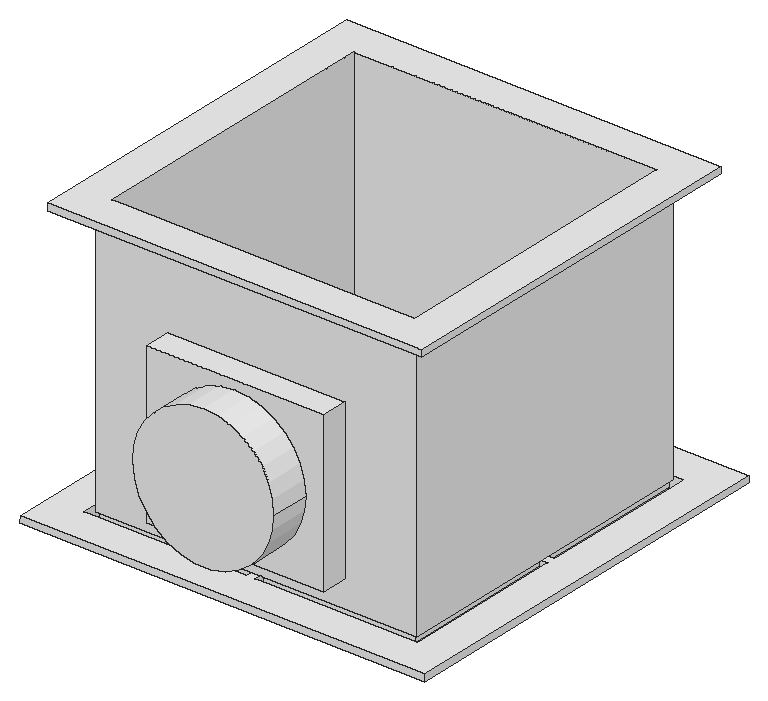
Revit family "Ceiling-Fan_VCDK-008-009C_Carnes", category Mechanical Equipment, host Ceiling, Revit 2012
Parameters
  ecoScorecard_data = ""
  ecoScorecard Product Page = "http://ecoscorecard.com/"
  Warranty URL = "http://www.carnes.com/GeneralCatalogs/termcond.pdf"
  Housing = Aluminum-Carnes-Spun-Brushed
  URL = "http://www.carnes.com/index.html"
  Specifications URL = ""
  Product Page URL = "http://www.carnes.com/ventilation/vcdd-vcdk.htm"
  Parts List URL = "http://www.carnes.com/ventilation/pdf/22005.pdf"
  Model = "VCDK 008-009C"  # constant formula
  Material = ""
  Manufacturer Toll Free Phone = ""
  Manufacturer Phone = "608-845-6411"  # constant formula
  Manufacturer Fax = "608-845-6470"  # constant formula
  Manufacturer Email = "mailto:carnes@carnes.com"
  Manufacturer Address = "448 S. Main St., P. O. Box 930040, Verona, WI 53593-0040"  # constant formula
  Manufacturer = "CARNES COMPANY"  # constant formula
  IOM Instructions URL = "http://www.carnes.com/ventilation/pdf/11221.pdf"
  Grill Size = "0'  11 7/16 Sq."
  Grill Depth = 0' - 0 3/8"
  Duct Radius = 0' - 2"
  Duct Connector = "4\""
  Description = "Ceiling Ventilators"  # constant formula
  Cost Info = "mailto:carnes@carnes.com"
  Catalog URL = "http://www.carnes.com/ventilation/pdf/C269-C295.pdf"
  Box Size = "9 11/16 Sq."
  Box Depth = 0' - 7 7/8"
  Assembly Code = "D3040200"
  95 CSI = "15850"  # constant formula
  04 CSI = "23 37 13"  # constant formula
Reference planes (in)
  plane 1 "Center (Front/Back)": y = 0
  plane 2 "Ceiling": z = 96
  plane 3 "Center (Left/Right)": x = 0
  plane 4: y = 4.84375
  plane 5: x = -4.84375
  plane 6: y = -4.84375
  plane 7: x = 4.84375
  plane 8: z = 95.625
  plane 9: z = 103.875
  plane 10: y = 5.71875
  plane 11: x = -5.71875
  plane 12: y = -5.71875
  plane 13: x = 5.71875
  plane 14: y = 5.28125
  plane 15: x = -5.28125
  plane 16: y = -5.28125
  plane 17: x = 5.28125
  plane 18: z = 103.6875
  plane 19: x = 4.28125
Forms (in)
  Sweep 1, solid, material "Aluminum-Carnes-Spun-Brushed" <- "Housing", detail levels fine
    path origin (0, 0, 96) x (0, -1, 0) y (1, 0, 0)
      loop
        line (-5.28125, 5.28125) -> (-5.28125, -5.28125) -> (5.28125, -5.28125) -> (5.28125, 5.28125) -> (-5.28125, 5.28125)
    profile origin (5.28125, 0, 96) x (1, 0, 0) y (0, 0, 1)
      loop
        line (0, 7.6875) -> (0, 7.875) -> (-0.75, 7.875) -> (-0.75, 7.6875) -> (0, 7.6875)
  Sweep 2, solid, material "Aluminum-Carnes-Spun-Brushed" <- "Housing", detail levels fine
    path origin (0, 0, 96) x (0, -1, 0) y (1, 0, 0)
      loop
        line (-4.53125, 4.53125) -> (-4.53125, -4.53125) -> (4.53125, -4.53125) -> (4.53125, 4.53125) -> (-4.53125, 4.53125)
    profile origin (4.53125, 0, 96) x (1, 0, 0) y (0, 0, 1)
      loop
        line (-0.25, 0) -> (0, 0) -> (0, 7.875) -> (-0.25, 7.875) -> (-0.25, 0)
  Extrusion 3, solid, material "Aluminum-Carnes-Spun-Brushed" <- "Housing", detail levels fine
    sketch origin (0, 0, 96) x (1, 0, 0) y (0, 0, 1)
      loop
        circle (0, 3) r 2
    from 5.28125 to 6.38989
  Extrusion 4, solid, material "Aluminum-Carnes-Spun-Brushed" <- "Housing", detail levels fine
    sketch origin (0, 0, 102) x (0, -1, 0) y (1, 0, 0)
      loop
        line (4.53125, -2.5) -> (5.28125, -2.5) -> (5.28125, 2.5) -> (4.53125, 2.5) -> (4.53125, -2.5)
    from -5.25 to -0.75
Cuts and joins
  joined: Sweep 1, Sweep 2, Extrusion 3, Extrusion 4
Lines and regions (in)
  Opening 1
    outline origin (-60, 60, 97) x (-1, 0, 0) y (0, -1, 0)
      loop
        line (-65.71875, 65.71875) -> (-65.71875, 54.28125) -> (-54.28125, 54.28125) -> (-54.28125, 65.71875) -> (-65.71875, 65.71875)
  model lines, detail levels coarse+medium
    curve 1: line (-5.71875, 5.71875, 96) -> (5.71875, 5.71875, 96)
    curve 2: line (5.71875, -5.71875, 96) -> (5.71875, 5.71875, 96)
    curve 3: line (-2, -6.38989, 96) -> (2, -6.38989, 96)
    curve 4: line (-5.71875, -5.71875, 96) -> (-2, -5.71875, 96)
    curve 5: line (-5.71875, -5.71875, 96) -> (-5.71875, 5.71875, 96)
    curve 6: line (2, -6.38989, 96) -> (2, -5.71875, 96)
    curve 7: line (-2, -6.38989, 96) -> (-2, -5.71875, 96)
    curve 8: line (2, -5.71875, 96) -> (5.71875, -5.71875, 96)
Dimensions and locks (in)
  equal spacing: host sketch curve, plane 3 "Center (Left/Right)", host sketch curve
  equal spacing: host sketch curve, plane 1 "Center (Front/Back)", host sketch curve
  host sketch curve to host sketch curve = 10' - 0"  (x2)
  equal spacing: plane 5, plane 3 "Center (Left/Right)", plane 7
  plane 5 to plane 7 = 0' - 9 11/16"
  equal spacing: plane 4, plane 1 "Center (Front/Back)", plane 6
  plane 4 to plane 6 = 0' - 9 11/16"
  "Grill Depth": plane 2 "Ceiling" to plane 8
  "Box Depth": plane 9 to plane 2 "Ceiling"
  equal spacing: plane 10, plane 1 "Center (Front/Back)", plane 12
  plane 10 to plane 12 = 0' - 11 7/16"
  equal spacing: plane 11, plane 3 "Center (Left/Right)", plane 13
  plane 11 to plane 13 = 0' - 11 7/16"
  equal spacing: plane 15, plane 3 "Center (Left/Right)", plane 17
  plane 15 to plane 17 = 0' - 10 9/16"
  equal spacing: plane 14, plane 1 "Center (Front/Back)", plane 16
  plane 14 to plane 16 = 0' - 10 9/16"
  "Duct Radius": radius of Extrusion 3 sketch curve
  aligned and locked: plane 18 to Sweep 1 sketch curve
  aligned and locked: Sweep 2 sketch curve to plane 19
  aligned and locked: nested 1 to plane 3 "Center (Left/Right)"
  aligned and locked: plane 1 "Center (Front/Back)" to nested 1
Automatic sketch dimensions
  Sweep 1 sketch curve to plane 14 = 0' - 0"
  Sweep 1 sketch curve to plane 15 = 0' - 0"
  plane 16 to Sweep 1 sketch curve = 0' - 0"
  Sweep 1 sketch curve to plane 17 = 0' - 0"
  profile plane to Sweep 1 sketch curve = 0' - 0"
  Sweep 1 sketch curve to plane 18 = 0' - 0 3/16"
  profile plane to Sweep 1 sketch curve = 0' - 0 3/4"
  Sweep 2 sketch curve to plane 4 = 0' - 0 5/16"
  Sweep 2 sketch curve to plane 6 = 0' - 0 5/16"
  plane 5 to Sweep 2 sketch curve = 0' - 0 5/16"
  plane 7 to Sweep 2 sketch curve = 0' - 0 5/16"
  profile plane to Sweep 2 sketch curve = 0' - 0"
  Sweep 2 sketch curve to profile plane = 0' - 0"
  profile plane to Sweep 2 sketch curve = 0' - 7 7/8"
  Extrusion 3 sketch curve to plane 3 "Center (Left/Right)" = 0' - 0"
  plane 2 "Ceiling" to Extrusion 3 sketch curve = 0' - 3"
  plane 16 to Extrusion 4 sketch curve = 0' - 0"
  Extrusion 4 sketch curve to plane 6 = 0' - 0 5/16"
  plane 5 to Extrusion 4 sketch curve = 0' - 2 11/32"
  plane 7 to Extrusion 4 sketch curve = 0' - 2 11/32"
  Opening 1 sketch curve to plane 11 = 0' - 0"
  plane 13 to Opening 1 sketch curve = 0' - 0"
  plane 10 to Opening 1 sketch curve = 0' - 0"
  plane 12 to Opening 1 sketch curve = 0' - 0"
  curve 4 to plane 11 = 0' - 0"
  curve 2 to plane 13 = 0' - 0"
  curve 2 to plane 10 = 0' - 0"
  plane 3 "Center (Left/Right)" to curve 6 = 0' - 2"
  curve 3 to curve 7 = 0' - 0.67114"
  curve 4 to plane 3 "Center (Left/Right)" = 0' - 2"
  plane 12 to curve 6 = 0' - 0"
  plane 12 to curve 4 = 0' - 0"
Nested families (in)
  nested 1: "Grill 1" at (0, 0, 95.625) x (0, -1, 0) z (0, 0, 1), type "Grill 1", detail levels fine
    with Width 0' - 11 7/16", Depth 0' - 11 7/16"
Definition of nested family "Grill 1"
  Parameters (values of type "Grill 1")
    Width = 0' - 9 11/16"
    Height = 0' - 0 3/8"
    Grill = none
    Depth = 0' - 9 11/16"
    Default Elevation = 4' - 0"
    Assembly Code = ""
  Reference planes (in)
    plane 1 "Center (Front/Back)": y = 0
    plane 2: z = 0
    plane 3 "Center (Left/Right)": x = 0
    plane 4: x = -4.84375
    plane 5: x = 4.84375
    plane 6: y = 4.84375
    plane 7: y = -4.84375
    plane 8: z = 0.375
  Forms (in)
    Sweep 1, solid, material <- "Grill"
      path origin (0, 0, 0) x (1, 0, 0) y (0, 1, 0)
        loop
          line (-4.84375, 4.84375) -> (-4.84375, -4.84375) -> (4.84375, -4.84375) -> (4.84375, 4.84375) -> (-4.84375, 4.84375)
      profile origin (0, 4.84375, 0) x (0, 1, 0) y (0, 0, 1)
        loop
          line (0, 0.375) -> (-1, 0.375) -> (-1, 0) -> (-0.54372, 0) -> (0, 0.1875) -> (0, 0.375)
    Sweep 2, solid, material <- "Grill"
      path in 3D
        loop
          line (-3.84375, 3.84375, 0.375) -> (3.84375, 3.84375, 0.375) -> (3.84375, -3.84375, 0.375) -> (-3.84375, -3.84375, 0.375) -> (-3.84375, 3.84375, 0.375)
      profile origin (-3.84375, 0, 0.375) x (-1, 0, 0) y (0, 0, 1)
        loop
          line (-0.25, -0.1875) -> (-0.25, 0) -> (-0.5, 0) -> (-0.5, -0.375) -> (-0.375, -0.375) -> (-0.25, -0.1875)
    Sweep 3, solid, material <- "Grill"
      path in 3D
        loop
          line (3.34375, 3.34375, 0.375) -> (3.34375, -3.34375, 0.375) -> (-3.34375, -3.34375, 0.375) -> (-3.34375, 3.34375, 0.375) -> (3.34375, 3.34375, 0.375)
      profile origin (0, 3.34375, 0.375) x (0, 1, 0) y (0, 0, 1)
        loop
          line (-0.25, -0.1875) -> (-0.25, 0) -> (-0.5, 0) -> (-0.5, -0.375) -> (-0.375, -0.375) -> (-0.25, -0.1875)
    Sweep 4, solid, material <- "Grill"
      path in 3D
        loop
          line (2.84375, 2.84375, 0.375) -> (2.84375, -2.84375, 0.375) -> (-2.84375, -2.84375, 0.375) -> (-2.84375, 2.84375, 0.375) -> (2.84375, 2.84375, 0.375)
      profile origin (0, 2.84375, 0.375) x (0, 1, 0) y (0, 0, 1)
        loop
          line (-0.25, -0.1875) -> (-0.25, 0) -> (-0.5, 0) -> (-0.5, -0.375) -> (-0.375, -0.375) -> (-0.25, -0.1875)
    Sweep 5, solid, material <- "Grill"
      path in 3D
        loop
          line (2.34375, 2.34375, 0.375) -> (2.34375, -2.34375, 0.375) -> (-2.34375, -2.34375, 0.375) -> (-2.34375, 2.34375, 0.375) -> (2.34375, 2.34375, 0.375)
      profile origin (0, 2.34375, 0.375) x (0, 1, 0) y (0, 0, 1)
        loop
          line (-0.25, -0.1875) -> (-0.25, 0) -> (-0.5, 0) -> (-0.5, -0.375) -> (-0.375, -0.375) -> (-0.25, -0.1875)
    Sweep 6, solid, material <- "Grill"
      path in 3D
        loop
          line (-1.84375, 1.84375, 0.375) -> (1.84375, 1.84375, 0.375) -> (1.84375, -1.84375, 0.375) -> (-1.84375, -1.84375, 0.375) -> (-1.84375, 1.84375, 0.375)
      profile origin (-1.84375, 0, 0.375) x (-1, 0, 0) y (0, 0, 1)
        loop
          line (-0.25, -0.1875) -> (-0.25, 0) -> (-0.5, 0) -> (-0.5, -0.375) -> (-0.375, -0.375) -> (-0.25, -0.1875)
    Sweep 7, solid, material <- "Grill"
      path in 3D
        loop
          line (-1.34375, 1.34375, 0.375) -> (1.34375, 1.34375, 0.375) -> (1.34375, -1.34375, 0.375) -> (-1.34375, -1.34375, 0.375) -> (-1.34375, 1.34375, 0.375)
      profile origin (-1.34375, 0, 0.375) x (-1, 0, 0) y (0, 0, 1)
        loop
          line (-0.5, -0.375) -> (-0.5, 0) -> (-0.75, 0) -> (-0.75, -0.375) -> (-0.5, -0.375)
    Extrusion 8, solid, material <- "Grill"
      sketch origin (0, 0, 0) x (1, 0, 0) y (0, 1, 0)
        loop
          line (-0.59375, 0.59375) -> (-0.59375, -0.59375) -> (0.59375, -0.59375) -> (0.59375, 0.59375) -> (-0.59375, 0.59375)
      from 0 to 0.375
    Extrusion 9, solid, material <- "Grill"
      sketch origin (0, 0, 0) x (1, 0, 0) y (0, 1, 0)
        loop
          line (-0.125, 0.84375) -> (0.125, 0.84375) -> (0.125, 1.34375) -> (-0.125, 1.34375) -> (-0.125, 0.84375)
        loop
          line (0.125, 3.84375) -> (-0.125, 3.84375) -> (-0.125, 3.59375) -> (0.125, 3.59375) -> (0.125, 3.84375)
        loop
          line (-0.125, 3.34375) -> (-0.125, 3.09375) -> (0.125, 3.09375) -> (0.125, 3.34375) -> (-0.125, 3.34375)
        loop
          line (-0.125, 2.84375) -> (-0.125, 2.59375) -> (0.125, 2.59375) -> (0.125, 2.84375) -> (-0.125, 2.84375)
        loop
          line (-0.125, 2.34375) -> (-0.125, 2.09375) -> (0.125, 2.09375) -> (0.125, 2.34375) -> (-0.125, 2.34375)
        loop
          line (-0.125, 1.84375) -> (-0.125, 1.59375) -> (0.125, 1.59375) -> (0.125, 1.84375) -> (-0.125, 1.84375)
      from 0 to 0.375
    Extrusion 10, solid, material <- "Grill"
      sketch origin (0, 0, 0) x (1, 0, 0) y (0, 1, 0)
        loop
          line (3.84375, -0.125) -> (3.84375, 0.125) -> (3.59375, 0.125) -> (3.59375, -0.125) -> (3.84375, -0.125)
        loop
          line (3.34375, 0.125) -> (3.09375, 0.125) -> (3.09375, -0.125) -> (3.34375, -0.125) -> (3.34375, 0.125)
        loop
          line (2.84375, 0.125) -> (2.59375, 0.125) -> (2.59375, -0.125) -> (2.84375, -0.125) -> (2.84375, 0.125)
        loop
          line (2.34375, 0.125) -> (2.09375, 0.125) -> (2.09375, -0.125) -> (2.34375, -0.125) -> (2.34375, 0.125)
        loop
          line (1.84375, 0.125) -> (1.59375, 0.125) -> (1.59375, -0.125) -> (1.84375, -0.125) -> (1.84375, 0.125)
        loop
          line (1.34375, 0.125) -> (0.84375, 0.125) -> (0.84375, -0.125) -> (1.34375, -0.125) -> (1.34375, 0.125)
      from 0 to 0.375
    Extrusion 11, solid, material <- "Grill"
      sketch origin (0, 0, 0) x (1, 0, 0) y (0, 1, 0)
        loop
          line (-3.84375, 0.125) -> (-3.84375, -0.125) -> (-3.59375, -0.125) -> (-3.59375, 0.125) -> (-3.84375, 0.125)
        loop
          line (-0.84375, -0.125) -> (-0.84375, 0.125) -> (-1.34375, 0.125) -> (-1.34375, -0.125) -> (-0.84375, -0.125)
        loop
          line (-3.34375, -0.125) -> (-3.09375, -0.125) -> (-3.09375, 0.125) -> (-3.34375, 0.125) -> (-3.34375, -0.125)
        loop
          line (-2.84375, -0.125) -> (-2.59375, -0.125) -> (-2.59375, 0.125) -> (-2.84375, 0.125) -> (-2.84375, -0.125)
        loop
          line (-2.34375, -0.125) -> (-2.09375, -0.125) -> (-2.09375, 0.125) -> (-2.34375, 0.125) -> (-2.34375, -0.125)
        loop
          line (-1.84375, -0.125) -> (-1.59375, -0.125) -> (-1.59375, 0.125) -> (-1.84375, 0.125) -> (-1.84375, -0.125)
      from 0 to 0.375
    Extrusion 12, solid, material <- "Grill"
      sketch origin (0, 0, 0) x (1, 0, 0) y (0, 1, 0)
        loop
          line (-0.125, -3.84375) -> (0.125, -3.84375) -> (0.125, -3.59375) -> (-0.125, -3.59375) -> (-0.125, -3.84375)
        loop
          line (0.125, -0.84375) -> (-0.125, -0.84375) -> (-0.125, -1.34375) -> (0.125, -1.34375) -> (0.125, -0.84375)
        loop
          line (0.125, -3.34375) -> (0.125, -3.09375) -> (-0.125, -3.09375) -> (-0.125, -3.34375) -> (0.125, -3.34375)
        loop
          line (0.125, -2.84375) -> (0.125, -2.59375) -> (-0.125, -2.59375) -> (-0.125, -2.84375) -> (0.125, -2.84375)
        loop
          line (0.125, -2.34375) -> (0.125, -2.09375) -> (-0.125, -2.09375) -> (-0.125, -2.34375) -> (0.125, -2.34375)
        loop
          line (0.125, -1.84375) -> (0.125, -1.59375) -> (-0.125, -1.59375) -> (-0.125, -1.84375) -> (0.125, -1.84375)
      from 0 to 0.375
  Cuts and joins
    joined: Sweep 1, Sweep 2, Sweep 3, Sweep 4, Sweep 5, Sweep 6, Sweep 7, Extrusion 8, Extrusion 9, Extrusion 10, Extrusion 11, Extrusion 12
  Lines and regions (in)
    sketch lines
      curve 1: line (-3.84375, -3.84375, 0.375) -> (-3.84375, 3.84375, 0.375)
      curve 2: line (3.84375, -3.84375, 0.375) -> (-3.84375, -3.84375, 0.375)
      curve 3: line (3.84375, 3.84375, 0.375) -> (3.84375, -3.84375, 0.375)
      curve 4: line (-3.84375, 3.84375, 0.375) -> (3.84375, 3.84375, 0.375)
      curve 5: line (-3.34375, 3.34375, 0.375) -> (3.34375, 3.34375, 0.375)
      curve 6: line (-3.34375, -3.34375, 0.375) -> (-3.34375, 3.34375, 0.375)
      curve 7: line (3.34375, -3.34375, 0.375) -> (-3.34375, -3.34375, 0.375)
      curve 8: line (3.34375, 3.34375, 0.375) -> (3.34375, -3.34375, 0.375)
      curve 9: line (-2.84375, 2.84375, 0.375) -> (2.84375, 2.84375, 0.375)
      curve 10: line (-2.84375, -2.84375, 0.375) -> (-2.84375, 2.84375, 0.375)
      curve 11: line (2.84375, -2.84375, 0.375) -> (-2.84375, -2.84375, 0.375)
      curve 12: line (2.84375, 2.84375, 0.375) -> (2.84375, -2.84375, 0.375)
      curve 13: line (-2.34375, 2.34375, 0.375) -> (2.34375, 2.34375, 0.375)
      curve 14: line (-2.34375, -2.34375, 0.375) -> (-2.34375, 2.34375, 0.375)
      curve 15: line (2.34375, -2.34375, 0.375) -> (-2.34375, -2.34375, 0.375)
      curve 16: line (2.34375, 2.34375, 0.375) -> (2.34375, -2.34375, 0.375)
      curve 17: line (-1.84375, -1.84375, 0.375) -> (-1.84375, 1.84375, 0.375)
      curve 18: line (1.84375, -1.84375, 0.375) -> (-1.84375, -1.84375, 0.375)
      curve 19: line (1.84375, 1.84375, 0.375) -> (1.84375, -1.84375, 0.375)
      curve 20: line (-1.84375, 1.84375, 0.375) -> (1.84375, 1.84375, 0.375)
      curve 21: line (-1.34375, -1.34375, 0.375) -> (-1.34375, 1.34375, 0.375)
      curve 22: line (1.34375, -1.34375, 0.375) -> (-1.34375, -1.34375, 0.375)
      curve 23: line (1.34375, 1.34375, 0.375) -> (1.34375, -1.34375, 0.375)
      curve 24: line (-1.34375, 1.34375, 0.375) -> (1.34375, 1.34375, 0.375)
  Dimensions and locks (in)
    equal spacing: plane 6, plane 1 "Center (Front/Back)", plane 7
    equal spacing: plane 4, plane 3 "Center (Left/Right)", plane 5
    "Width": plane 4 to plane 5
    "Depth": plane 6 to plane 7
    "Height": plane 8 to plane 2
    locked: profile plane to Sweep 1 sketch curve at 0.54372
    locked: plane 8 to Sweep 1 sketch curve at 0.1875
    equal spacing: Extrusion 9 sketch curve, plane 3 "Center (Left/Right)", Extrusion 9 sketch curve
    equal spacing: Extrusion 10 sketch curve, plane 1 "Center (Front/Back)", Extrusion 10 sketch curve
    aligned and locked: plane 2 to level
    aligned and locked: Sweep 1 sketch curve to plane 6
    aligned and locked: Sweep 1 sketch curve to plane 4
    aligned and locked: Sweep 1 sketch curve to plane 7
    aligned and locked: Sweep 1 sketch curve to plane 5
    aligned and locked: Sweep 1 sketch curve to profile plane
    aligned and locked: Sweep 1 sketch curve to plane 8
    aligned and locked: profile plane to Sweep 1 sketch curve
    aligned and locked: profile plane to Sweep 2 sketch curve
    aligned and locked: level to Sweep 2 sketch curve
    aligned and locked: profile plane to Sweep 3 sketch curve
    aligned and locked: level to Sweep 3 sketch curve
    aligned and locked: profile plane to Sweep 4 sketch curve
    aligned and locked: level to Sweep 4 sketch curve
    aligned and locked: profile plane to Sweep 5 sketch curve
    aligned and locked: level to Sweep 5 sketch curve
    aligned and locked: profile plane to Sweep 6 sketch curve
    aligned and locked: level to Sweep 6 sketch curve
    aligned and locked: profile plane to Sweep 7 sketch curve
    aligned and locked: level to Sweep 7 sketch curve
    aligned and locked: Extrusion 8 sketch curve to Sweep 7  (x4)
    aligned and locked: Extrusion 8 to plane 2
    aligned and locked: plane 8 to Extrusion 8
    aligned and locked: Sweep 1 to Extrusion 9 sketch curve
    aligned and locked: Sweep 2 to Extrusion 9 sketch curve  (x2)
    aligned and locked: Sweep 3 to Extrusion 9 sketch curve
    aligned and locked: Sweep 4 to Extrusion 9 sketch curve
    aligned and locked: Sweep 5 to Extrusion 9 sketch curve  (x2)
    aligned and locked: Extrusion 9 sketch curve to Extrusion 9 sketch curve  (x10)
    aligned and locked: Extrusion 9 to plane 2
    aligned and locked: plane 8 to Extrusion 9
    aligned and locked: cut or joined group 1 (Sweep 1, Sweep 2, Sweep 3, Sweep 4, Sweep 5, Sweep 6, Sweep 7, Extrusion 8, Extrusion 9, Extrusion 10, Extrusion 11, Extrusion 12) to Extrusion 10 sketch curve  (x11)
    aligned and locked: Extrusion 10 sketch curve to Extrusion 10 sketch curve  (x10)
    aligned and locked: Extrusion 10 to plane 2
    aligned and locked: plane 8 to Extrusion 10
    aligned and locked: cut or joined group 1 to Extrusion 11 sketch curve  (x12)
    aligned and locked: Extrusion 11 to plane 2
    aligned and locked: plane 8 to Extrusion 11
    aligned and locked: cut or joined group 1 to Extrusion 12 sketch curve  (x12)
    aligned and locked: Extrusion 12 to plane 2
    aligned and locked: plane 8 to Extrusion 12
  Automatic sketch dimensions
    Sweep 1 sketch curve to Sweep 1 sketch curve = 0' - 0.45628"
    profile plane to Sweep 2 sketch curve = 0' - 0 1/2"
    Sweep 2 sketch curve to Sweep 2 sketch curve = 0' - 0 1/8"
    profile plane to Sweep 2 sketch curve = 0' - 0 1/4"
    Sweep 2 sketch curve to Sweep 2 sketch curve = 0' - 0 3/16"
    profile plane to Sweep 3 sketch curve = 0' - 0 1/2"
    Sweep 3 sketch curve to Sweep 3 sketch curve = 0' - 0 1/8"
    profile plane to Sweep 3 sketch curve = 0' - 0 1/4"
    Sweep 3 sketch curve to Sweep 3 sketch curve = 0' - 0 3/16"
    profile plane to Sweep 4 sketch curve = 0' - 0 1/2"
    Sweep 4 sketch curve to Sweep 4 sketch curve = 0' - 0 1/8"
    Sweep 4 sketch curve to Sweep 4 sketch curve = 0' - 0 1/4"
    Sweep 4 sketch curve to profile plane = 0' - 0 3/16"
    profile plane to Sweep 5 sketch curve = 0' - 0 1/2"
    Sweep 5 sketch curve to Sweep 5 sketch curve = 0' - 0 1/8"
    Sweep 5 sketch curve to Sweep 5 sketch curve = 0' - 0 1/4"
    Sweep 5 sketch curve to profile plane = 0' - 0 3/16"
    profile plane to Sweep 6 sketch curve = 0' - 0 1/2"
    Sweep 6 sketch curve to Sweep 6 sketch curve = 0' - 0 1/8"
    Sweep 6 sketch curve to Sweep 6 sketch curve = 0' - 0 1/4"
    Sweep 6 sketch curve to profile plane = 0' - 0 3/16"
    profile plane to Sweep 7 sketch curve = 0' - 0 3/4"
    Sweep 7 sketch curve to Sweep 7 sketch curve = 0' - 0 1/4"
    Extrusion 9 sketch curve to plane 3 "Center (Left/Right)" = 0' - 0 1/8"
    Extrusion 10 sketch curve to plane 1 "Center (Front/Back)" = 0' - 0 1/8"
    Extrusion 10 sketch curve to Extrusion 10 sketch curve = 0' - 0 1/4"
    Extrusion 9 sketch curve to Extrusion 9 sketch curve = 0' - 0 1/4"  (x4)
    Extrusion 9 sketch curve to Extrusion 9 sketch curve = 0' - 0 1/2"
    Extrusion 11 sketch curve to plane 1 "Center (Front/Back)" = 0' - 0 1/8"  (x4)
    Extrusion 11 sketch curve to Extrusion 11 sketch curve = 0' - 0"  (x4)
    plane 1 "Center (Front/Back)" to Extrusion 11 sketch curve = 0' - 0 1/8"  (x4)
    Extrusion 12 sketch curve to plane 3 "Center (Left/Right)" = 0' - 0 1/8"  (x3)
    Extrusion 12 sketch curve to Extrusion 12 sketch curve = 0' - 0"  (x8)
    plane 3 "Center (Left/Right)" to Extrusion 12 sketch curve = 0' - 0 1/8"
